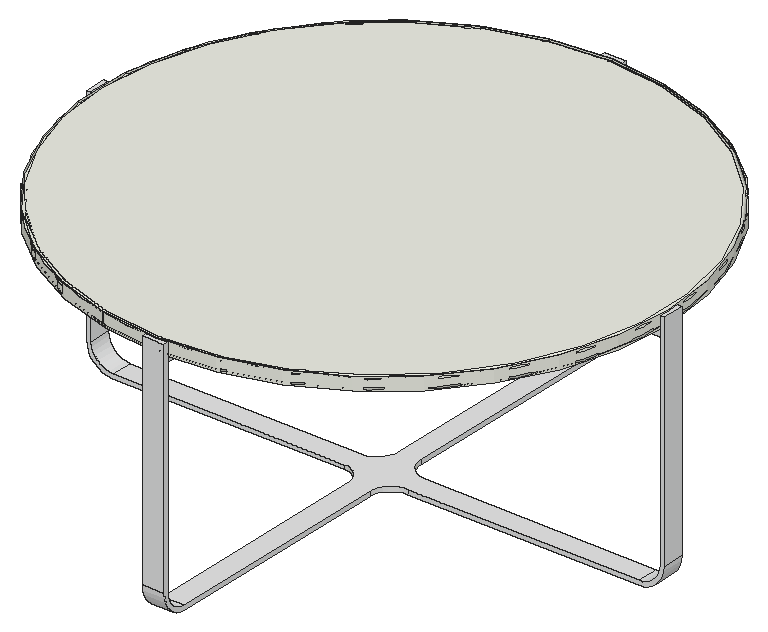
Revit family "Furniture-Table-Casual-Naughtone-Trace_Circular_Table_Small", category Furniture, Revit 2014
Parameters (values of type "TRA-800-DIA")
  WarrantyStartDate = ""
  WarrantyGuarantorParts = "sales@naughtone.com"  # constant formula
  WarrantyGuarantorLabour = "sales@naughtone.com"  # constant formula
  WarrantyDuration = 60
  Uniclass = "Pr_40_50_21_58"  # constant formula
  URL = "http://www.naughtone.com"
  TypeName = "800mmx800mmx350mm, Trace Table Small"
  Type Comments = "Trace Table Small"  # constant formula
  TagNumber = 0
  SerialNumber = 0
  Product URL = "http://www.naughtone.com/portfolio-view/trace-small"  # constant formula
  Product Code = "TR-800-DIA"
  Option = ""
  Name = "Furniture-Table-Casual-Naughtone-Trace"  # constant formula
  Model = "Trace Circular Table 800mm"
  Material Table Base [instance] = Metal-Silver-Brushed
  Material Table = Laminate-White-Smooth
  Manufacturer = "Naughtone"
  Length = 800 mm
  InstallationDate = ""
  Height = 350 mm
  Features = ""
  Extidentifier = ""
  Description = "Trace Circular Table 800mm"
  Depth = Length  # 800 mm
  Current Revision = 1  # constant formula
  Created On = "11.08.2014"  # constant formula
  Created By = "www.bimbox.co.uk"  # constant formula
  Cost = 0
  Contact Telephone Number = "+44 1423 816500"  # constant formula
  Contact Email Address = "sales@naughtone.com"
  COBie Description = "Designed by InTheDetail, The trace table range is simply a modern classic that speaks for itself. Suffice to say, the immaculate hand made steel frame and repetition of shapes make trace an exquisitely balanced form."  # constant formula
  Barcode = 0
  Author = "BIMBox"  # constant formula
  AssetIdentifier = "TR-800-DIA"
Types (3, lengths in mm): name | TypeName | Product Code | Model | Material Table Base | Length | Description | Depth | AssetIdentifier
  (no name) | "800mmx800mmx350mm, Trace Table Small" | "TR-800-DIA" | "Trace Circular Table 800mm" | Metal-Silver-Brushed | 800 | "Trace Circular Table 800mm" | 800 | "TR-800-DIA"
  TRA-800-DIA | "800mmx800mmx350mm, Trace Table Small" | "TR-800-DIA" | "Trace Circular Table 800mm" | Metal-Silver-Brushed | 800 | "Trace Circular Table 800mm" | 800 | "TR-800-DIA"
  TRA-600-DIA | "600mmx600mmx350mm, Trace Table Small" | "TRA-600-DIA" | "Trace Circular Table 600mm" | Vinyl-Green-Smooth | 600 | "Trace Circular Table 600mm" | 600 | "TRA-600-DIA"
Reference planes
  plane 1 "Center (Front/Back)": y = 0
  plane 2: z = 0
  plane 3 "Center (Left/Right)": x = 0
  plane 4: z = 350
  plane 5: x = -400
  plane 6: x = 400
  plane 7: y = 400
  plane 8: y = -400
Forms (mm)
  Extrusion 1, solid, material "Metal-Silver-Brushed" <- "Material Table Base"
    sketch origin (0, 0, 0) x (1, 0, 0) y (0, 0, 1)
      loop
        line (-406, 350) -> (-406, 36)
        arc (-406, 36) -> (-395.456, 10.544) -> (-370, 0) r 36
        line (-370, 0) -> (370, 0)
        arc (370, 0) -> (395.456, 10.544) -> (406, 36) r 36
        line (406, 36) -> (406, 350) -> (400, 350) -> (400, 36)
        arc (400, 36) -> (391.213, 14.787) -> (370, 6) r 30
        line (370, 6) -> (-370, 6)
        arc (-370, 6) -> (-391.213, 14.787) -> (-400, 36) r 30
        line (-400, 36) -> (-400, 350) -> (-406, 350)
    from -15 to 15
  Extrusion 2, solid, material "Metal-Silver-Brushed" <- "Material Table Base"
    sketch origin (0, 0, 0) x (0, 1, 0) y (0, 0, 1)
      loop
        line (-406, 350) -> (-406, 36)
        arc (-406, 36) -> (-395.456, 10.544) -> (-370, 0) r 36
        line (-370, 0) -> (370, 0)
        arc (370, 0) -> (395.456, 10.544) -> (406, 36) r 36
        line (406, 36) -> (406, 350) -> (400, 350) -> (400, 36)
        arc (400, 36) -> (391.213, 14.787) -> (370, 6) r 30
        line (370, 6) -> (-370, 6)
        arc (-370, 6) -> (-391.213, 14.787) -> (-400, 36) r 30
        line (-400, 36) -> (-400, 350) -> (-406, 350)
    from -15 to 15
  Extrusion 3, solid, material "Metal-Silver-Brushed" <- "Material Table Base"
    sketch origin (0, 0, 0) x (1, 0, 0) y (0, 1, 0)
      loop
        line (-45, 45) -> (-45, -45) -> (45, -45) -> (45, 45) -> (-45, 45)
    from 0 to 6
  Extrusion 4, void
    sketch origin (0, 0, 0) x (1, 0, 0) y (0, 1, 0)
      loop
        circle (45, -45) r 30
    from -16.479 to 52.808
  Extrusion 5, void
    sketch origin (0, 0, 0) x (-1, 0, 0) y (0, -1, 0)
      loop
        circle (45, 45) r 30
    from -16.479 to 52.808
  Extrusion 6, void
    sketch origin (0, 0, 0) x (1, 0, 0) y (0, 1, 0)
      loop
        circle (45, 45) r 30
    from -16.479 to 52.808
  Extrusion 7, void
    sketch origin (0, 0, 0) x (-1, 0, 0) y (0, -1, 0)
      loop
        circle (45, -45) r 30
    from -16.479 to 52.808
  Extrusion 8, solid, material "Metal-Silver-Brushed" <- "Material Table Base"
    sketch origin (0, 0, 0) x (1, 0, 0) y (0, 0, 1)
      loop
        line (-400, 332) -> (-400, 314) -> (400, 314) -> (400, 332) -> (-400, 332)
    from -2.5 to 2.5
  Extrusion 9, solid, material "Metal-Silver-Brushed" <- "Material Table Base"
    sketch origin (0, 0, 0) x (0, 1, 0) y (0, 0, 1)
      loop
        line (400, 332) -> (-400, 332) -> (-400, 314) -> (400, 314) -> (400, 332)
    from -2.5 to 2.5
  Extrusion 10, solid, material "Laminate-White-Smooth" <- "Material Table"
    sketch origin (0, 0, 0) x (1, 0, 0) y (0, 1, 0)
      loop
        circle (0, 0) r 400
    from 332 to 350
  Revolve 11, void
    sketch origin (0, 0, 0) x (0, 1, 0) y (0, 0, 1)
      loop
        arc (395.766, 350) -> (398.441, 348.892) -> (399.549, 346.217) r 3.783
        line (399.549, 346.217) -> (399.549, 335.783)
        arc (399.549, 335.783) -> (398.441, 333.108) -> (395.766, 332) r 3.783
        line (395.766, 332) -> (395.766, 330.349) -> (399.814, 330.349) -> (399.814, 350.806) -> (395.766, 350.806) -> (395.766, 350)
      axis (0, 350.806) -> (0, 330.349)
    angle from 0 to 360
Cuts and joins
  Extrusion 4, Extrusion 5, Extrusion 6, Extrusion 7 cuts Extrusion 3
  joined: Extrusion 1, Extrusion 2, Extrusion 3
  Revolve 11 cuts Extrusion 10
  joined: Extrusion 8, Extrusion 9
Dimensions and locks
  "Height": plane 4 to level
  locked: Extrusion 1 sketch curve to Extrusion 1 sketch curve at 6  (x2)
  "Depth": plane 6 to plane 5
  equal spacing: plane 6, plane 3 "Center (Left/Right)", plane 5
  locked: Extrusion 2 sketch curve to Extrusion 2 sketch curve at 6  (x2)
  "Length": plane 7 to plane 8
  equal spacing: plane 7, plane 1 "Center (Front/Back)", plane 8
  "Length": diameter of Extrusion 10 sketch curve
  aligned and locked: level to plane 2
  aligned and locked: cut or joined group of Extrusion 1, Extrusion 2, Extrusion 3, Extrusion 4, Extrusion 5, Extrusion 6, Extrusion 7 to Extrusion 8 sketch curve  (x2)
  aligned and locked: Extrusion 1 sketch curve to plane 5
  aligned and locked: plane 6 to Extrusion 1 sketch curve
  aligned and locked: plane 7 to Extrusion 9 sketch curve
  aligned and locked: Extrusion 9 sketch curve to plane 8
  aligned and locked: Extrusion 2 sketch curve to plane 7
  aligned and locked: Extrusion 2 sketch curve to plane 8
  aligned and locked: Extrusion 10 to cut or joined group of Extrusion 1, Extrusion 2, Extrusion 3, Extrusion 4, Extrusion 5, Extrusion 6, Extrusion 7
Automatic sketch dimensions
  Extrusion 3 sketch curve to plane 3 "Center (Left/Right)" = 45 mm
  plane 3 "Center (Left/Right)" to Extrusion 3 sketch curve = 45 mm
  plane 1 "Center (Front/Back)" to Extrusion 3 sketch curve = 45 mm
  Extrusion 3 sketch curve to plane 1 "Center (Front/Back)" = 45 mm
  plane 3 "Center (Left/Right)" to Extrusion 4 sketch curve = 45 mm
  plane 1 "Center (Front/Back)" to Extrusion 4 sketch curve = 45 mm
  plane 3 "Center (Left/Right)" to Extrusion 5 sketch curve = 45 mm
  Extrusion 5 sketch curve to plane 1 "Center (Front/Back)" = 45 mm
  Extrusion 6 sketch curve to plane 3 "Center (Left/Right)" = 45 mm
  plane 1 "Center (Front/Back)" to Extrusion 6 sketch curve = 45 mm
  Extrusion 7 sketch curve to plane 3 "Center (Left/Right)" = 45 mm
  Extrusion 7 sketch curve to plane 1 "Center (Front/Back)" = 45 mm
  Extrusion 8 sketch curve to plane 4 = 36 mm
  Extrusion 8 sketch curve to Extrusion 8 sketch curve = 18 mm
  Extrusion 1 sketch curve to level = 0 mm
  Extrusion 1 sketch curve to plane 5 = 30 mm
  Extrusion 1 sketch curve to Extrusion 1 sketch curve = 0 mm  (x3)
  Extrusion 1 sketch curve to plane 6 = 30 mm
  Extrusion 1 sketch curve to plane 4 = 0 mm  (x2)
  Extrusion 9 sketch curve to plane 4 = 36 mm
  Extrusion 9 sketch curve to Extrusion 9 sketch curve = 18 mm
  Extrusion 2 sketch curve to level = 0 mm
  plane 8 to Extrusion 2 sketch curve = 30 mm
  Extrusion 2 sketch curve to Extrusion 2 sketch curve = 0 mm  (x3)
  Extrusion 2 sketch curve to plane 7 = 30 mm
  Extrusion 2 sketch curve to plane 4 = 0 mm  (x2)
  Revolve 11 sketch curve to plane 1 "Center (Front/Back)" = 0 mm
  plane 4 to Revolve 11 sketch curve = 0.806 mm
  Revolve 11 sketch curve to plane 7 = 4.234 mm  (x2)
  Revolve 11 sketch curve to Revolve 11 sketch curve = 0 mm
  Revolve 11 sketch curve to plane 7 = 0.451 mm
  Revolve 11 sketch curve to plane 7 = 0.186 mm
  Revolve 11 sketch curve to plane 4 = 3.783 mm
  Revolve 11 sketch curve to Revolve 11 sketch curve = 10.435 mm
  Revolve 11 sketch curve to Revolve 11 sketch curve = 1.651 mm
  Revolve 11 sketch curve to plane 4 = 129.194 mm
  plane 4 to Revolve 11 sketch curve = 95.806 mm
  plane 1 "Center (Front/Back)" to Extrusion 10 sketch curve = 0 mm
  Extrusion 10 sketch curve to plane 3 "Center (Left/Right)" = 0 mm
  radius of Extrusion 4 sketch curve = 30 mm
  radius of Extrusion 5 sketch curve = 30 mm
  radius of Extrusion 6 sketch curve = 30 mm
  radius of Extrusion 7 sketch curve = 30 mm
